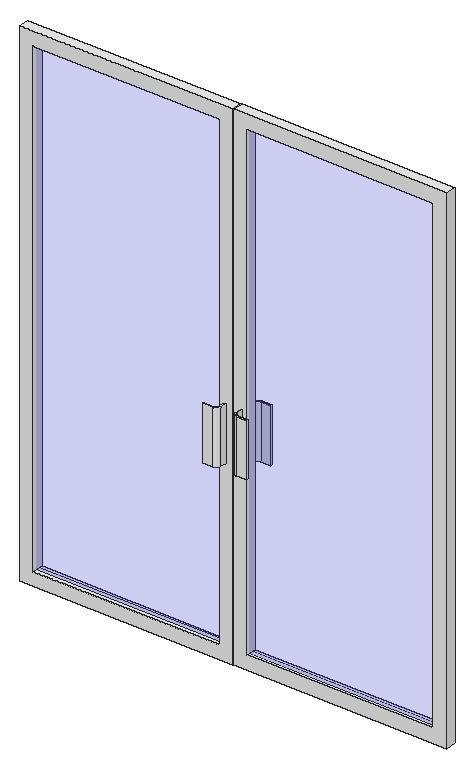
Revit family
Parameters (values of type "점두 이중 문")
  간격띄우기 = 55 mm
  재료 = 금속 - 알루미늄
  유리 재료 = 유리
  Assembly Code = ""
Reference planes
  plane 1 "중심(앞/뒤": y = 0
  plane 2: z = 0
  plane 3 "중심(왼쪽/오른쪽)": x = 82.523
  plane 4 "왼쪽": x = -831.877
  plane 5 "오른쪽": x = 996.923
  plane 6 "상단": z = 2133.6
  plane 7: y = 10.55
  plane 8: y = 55
  plane 9: z = 990.6
  plane 10: z = 762
Forms (mm)
  Extrusion 1, solid, material "금속 - 알루미늄" <- "재료"
    sketch origin (0, 0, 0) x (1, 0, 0) y (0, 0, 1)
      loop
        line (996.923, 2133.6) -> (83.317, 2133.6) -> (83.317, 0) -> (996.923, 0) -> (996.923, 2133.6)
      loop
        line (-831.877, 2133.6) -> (-831.877, 0) -> (81.729, 0) -> (81.729, 2133.6) -> (-831.877, 2133.6)
      loop
        line (939.773, 2076.45) -> (140.467, 2076.45) -> (140.467, 57.15) -> (939.773, 57.15) -> (939.773, 2076.45)
      loop
        line (24.579, 2076.45) -> (-774.727, 2076.45) -> (-774.727, 57.15) -> (24.579, 57.15) -> (24.579, 2076.45)
    from -55 to -10.55
  Extrusion 2, solid, material "유리" <- "유리 재료"
    sketch origin (0, 0, 0) x (1, 0, 0) y (0, 0, 1)
      loop
        line (939.773, 2076.45) -> (140.467, 2076.45) -> (140.467, 57.15) -> (939.773, 57.15) -> (939.773, 2076.45)
      loop
        line (24.579, 2076.45) -> (-774.727, 2076.45) -> (-774.727, 57.15) -> (24.579, 57.15) -> (24.579, 2076.45)
    from -42.3 to -23.25
  Extrusion 3, solid, material "금속 - 알루미늄" <- "재료"
    sketch origin (0, 0, 0) x (1, 0, 0) y (0, 1, 0)
      loop
        line (50.773, 55) -> (50.773, 80.4)
        arc (50.773, 80.4) -> (45.193, 93.87) -> (31.723, 99.45) r 19.05
        line (31.723, 99.45) -> (-12.727, 99.45) -> (-12.727, 93.1) -> (31.723, 93.1)
        arc (31.723, 93.1) -> (40.703, 89.38) -> (44.423, 80.4) r 12.7
        line (44.423, 80.4) -> (44.423, 55) -> (50.773, 55)
      loop
        line (114.273, 55) -> (120.623, 55) -> (120.623, 80.4)
        arc (120.623, 80.4) -> (124.343, 89.38) -> (133.323, 93.1) r 12.7
        line (133.323, 93.1) -> (177.773, 93.1) -> (177.773, 99.45) -> (133.323, 99.45)
        arc (133.323, 99.45) -> (119.853, 93.87) -> (114.273, 80.4) r 19.05
        line (114.273, 80.4) -> (114.273, 55)
    from 762 to 990.6
  Extrusion 4, solid, material "금속 - 알루미늄"
    sketch origin (0, 0, 0) x (1, 0, 0) y (0, 1, 0)
      loop
        line (50.773, 10.55) -> (44.423, 10.55) -> (44.423, -14.85)
        arc (44.423, -14.85) -> (40.703, -23.83) -> (31.723, -27.55) r 12.7
        line (31.723, -27.55) -> (-12.727, -27.55) -> (-12.727, -33.9) -> (31.723, -33.9)
        arc (31.723, -33.9) -> (45.193, -28.32) -> (50.773, -14.85) r 19.05
        line (50.773, -14.85) -> (50.773, 10.55)
      loop
        line (114.273, 10.55) -> (114.273, -14.85)
        arc (114.273, -14.85) -> (119.853, -28.32) -> (133.323, -33.9) r 19.05
        line (133.323, -33.9) -> (177.773, -33.9) -> (177.773, -27.55) -> (133.323, -27.55)
        arc (133.323, -27.55) -> (124.343, -23.83) -> (120.623, -14.85) r 12.7
        line (120.623, -14.85) -> (120.623, 10.55) -> (114.273, 10.55)
    from 762 to 990.6
Lines and regions (mm)
  symbolic lines, style "DoorsPanelProjection"
    curve 1: line (-831.877, 10.55, 0) -> (-831.877, 921.775, 0)
    curve 2: line (996.923, 10.55, 0) -> (996.923, 928.125, 0)
  symbolic lines, style "평면 스윙"
    curve 3: arc (79.348, 10.55, 0) -> (348.1, 659.374, 0) -> (996.923, 928.125, 0) r 917.575
    curve 4: arc (79.348, 10.55, 0) -> (-187.544, 654.883, 0) -> (-831.877, 921.775, 0) r 911.225
  symbolic lines, style "입면도 스윙"
    curve 5: line (83.317, 0, 2133.6) -> (996.923, 0, 1066.8)
    curve 6: line (996.923, 0, 1066.8) -> (83.317, 0, 0)
    curve 7: line (83.317, 0, 0) -> (-831.877, 0, 1066.8)
    curve 8: line (-831.877, 0, 1066.8) -> (83.317, 0, 2133.6)
Text (mm)
  text "외부" at (-1422.424, 797.241, 0), in view "기준선"
Dimensions and locks
  equal spacing: plane 4 "왼쪽", plane 3 "중심(왼쪽/오른쪽)", plane 5 "오른쪽"
  locked: Extrusion 1 sketch curve to plane 5 "오른쪽" at 57.15
  locked: plane 2 to Extrusion 1 sketch curve at 57.15  (x2)
  locked: Extrusion 1 sketch curve to plane 6 "상단" at 57.15  (x2)
  locked: plane 4 "왼쪽" to Extrusion 1 sketch curve at 57.15
  locked: Extrusion 1 sketch curve to Extrusion 1 sketch curve at 57.15  (x2)
  locked: plane 2 to plane 9 at 990.6
  locked: plane 10 to plane 9 at 228.6
  Extrusion 1 sketch curve to plane 3 "중심(왼쪽/오른쪽)" to Extrusion 1 sketch curve = 0.794 mm locked, 0.794 mm locked
  "간격띄우기": plane 1 "중심(앞/뒤" to plane 8
  locked: plane 7 to plane 8 at 44.45
  locked: Extrusion 2 to plane 8 at 12.7
  locked: plane 7 to Extrusion 2 at 12.7
  equal spacing: plane 2, curve 8, plane 6 "상단"
  equal spacing: plane 2, curve 6, plane 6 "상단"
  aligned and locked: Extrusion 1 to plane 8
  aligned and locked: plane 7 to Extrusion 1
  aligned and locked: plane 8 to Extrusion 3 sketch curve
  aligned and locked: Extrusion 3 sketch curve to plane 8
  aligned and locked: plane 7 to Extrusion 4 sketch curve
  aligned and locked: Extrusion 4 sketch curve to plane 7
  aligned and locked: Extrusion 3 to plane 9
  aligned and locked: plane 10 to Extrusion 3
  aligned and locked: Extrusion 4 to plane 9
  aligned and locked: plane 10 to Extrusion 4
Automatic sketch dimensions
  curve 1 to plane 4 "왼쪽" = 0 mm
  curve 3 to plane 7 = 0 mm
  curve 2 to plane 5 "오른쪽" = 0 mm
  curve 1 to plane 7 = 0 mm
  curve 2 to plane 7 = 0 mm
  curve 3 to plane 3 "중심(왼쪽/오른쪽)" = 3.175 mm
  curve 4 to curve 3 = 0 mm
  Extrusion 1 sketch curve to level = 0 mm  (x2)
  Extrusion 1 sketch curve to plane 4 "왼쪽" = 0 mm
  Extrusion 1 sketch curve to plane 5 "오른쪽" = 0 mm
  Extrusion 1 sketch curve to plane 6 "상단" = 0 mm  (x2)
  Extrusion 2 sketch curve to plane 4 "왼쪽" = 57.15 mm
  Extrusion 2 sketch curve to plane 3 "중심(왼쪽/오른쪽)" = 57.944 mm
  plane 3 "중심(왼쪽/오른쪽)" to Extrusion 2 sketch curve = 57.944 mm
  plane 5 "오른쪽" to Extrusion 2 sketch curve = 57.15 mm
  level to Extrusion 2 sketch curve = 57.15 mm  (x2)
  plane 6 "상단" to Extrusion 2 sketch curve = 57.15 mm  (x2)
  Extrusion 3 sketch curve to plane 8 = 38.1 mm
  Extrusion 3 sketch curve to plane 3 "중심(왼쪽/오른쪽)" = 95.25 mm
  Extrusion 3 sketch curve to Extrusion 3 sketch curve = 44.45 mm  (x2)
  Extrusion 3 sketch curve to Extrusion 3 sketch curve = 0 mm  (x4)
  Extrusion 3 sketch curve to Extrusion 3 sketch curve = 12.7 mm
  Extrusion 3 sketch curve to Extrusion 3 sketch curve = 6.35 mm  (x2)
  plane 3 "중심(왼쪽/오른쪽)" to Extrusion 3 sketch curve = 31.75 mm
  Extrusion 3 sketch curve to Extrusion 3 sketch curve = 19.05 mm
  Extrusion 3 sketch curve to Extrusion 3 sketch curve = 25.4 mm
  plane 7 to Extrusion 4 sketch curve = 38.1 mm
  Extrusion 4 sketch curve to plane 3 "중심(왼쪽/오른쪽)" = 95.25 mm
  Extrusion 4 sketch curve to Extrusion 4 sketch curve = 44.45 mm  (x2)
  Extrusion 4 sketch curve to Extrusion 4 sketch curve = 0 mm  (x2)
  Extrusion 4 sketch curve to Extrusion 4 sketch curve = 12.7 mm  (x2)
  Extrusion 4 sketch curve to Extrusion 4 sketch curve = 6.35 mm  (x4)
  plane 3 "중심(왼쪽/오른쪽)" to Extrusion 4 sketch curve = 31.75 mm
  plane 7 to Extrusion 4 sketch curve = 44.45 mm
  curve 5 to plane 6 "상단" = 0 mm
  curve 7 to plane 4 "왼쪽" = 0 mm
  curve 6 to plane 5 "오른쪽" = 0 mm
  curve 7 to level = 0 mm
  plane 3 "중심(왼쪽/오른쪽)" to curve 6 = 0.794 mm
  plane 3 "중심(왼쪽/오른쪽)" to curve 8 = 0.794 mm
